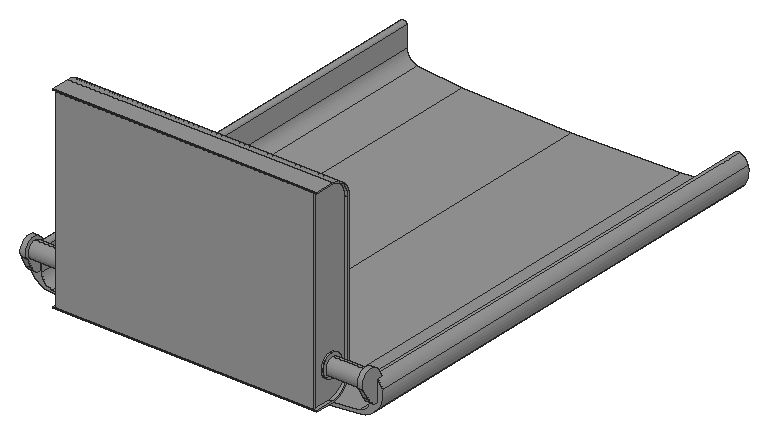
Revit family "DAN DRYER Björk Baby changing station 3215", category Furniture Systems, host Wall, Revit 2018
Family settings
  Host = Wall
  Round Connector Dimension = Use Diameter
  Part Type = Normal
  Always vertical = Yes
  Cut with Voids When Loaded = No
  Shared = No
  Room Calculation Point = No
Parameters (values of type "OSLO")
  URL = "https://www.dandryer.com/Files/Billeder/PDF/Datablade/Nye/Data%20sheet%20DAN%20DRYER%20BJ%C3%96RK%20Baby%20Changing%20Station%20Medic%203215.pdf"
  UP = not(Down)  # no
  Type Image = <None>
  Surface = WHITE
  Model = "Björk-3215"
  Manufacturer = "Dan Dryer"
  Down = yes
  Description = "Baby changing table"
  Cost = 0
Types (6): name | URL | Model | Description
  BIRK | "http://www.dandryer.dk/da-dk/produkter/produktserie-%E2%80%93-bjork/3000-bjork-haandtoerrer--hvid" | "Björk-3000" | "Touch-free hand dryer"
  GEO WHITE | "http://www.dandryer.dk/da-dk/produkter/produktserie-%E2%80%93-bjork/3000-bjork-haandtoerrer--hvid" | "Björk-3000" | "Touch-free hand dryer"
  GRIGIO LONDRA | "http://www.dandryer.dk/da-dk/produkter/produktserie-%E2%80%93-bjork/3000-bjork-haandtoerrer--hvid" | "Björk-3000" | "Touch-free hand dryer"
  NEGRO INGO | "http://www.dandryer.dk/da-dk/produkter/produktserie-%E2%80%93-bjork/3000-bjork-haandtoerrer--hvid" | "Björk-3000" | "Touch-free hand dryer"
  OSLO | "https://www.dandryer.com/Files/Billeder/PDF/Datablade/Nye/Data%20sheet%20DAN%20DRYER%20BJ%C3%96RK%20Baby%20Changing%20Station%20Medic%203215.pdf" | "Björk-3215" | "Baby changing table"
  BIANCO MALE | "http://www.dandryer.dk/da-dk/produkter/produktserie-%E2%80%93-bjork/3000-bjork-haandtoerrer--hvid" | "Björk-3000" | "Touch-free hand dryer"
Reference planes (in)
  plane 1 "Wall": y = 0
  plane 2 "Center (Left/Right)": x = 4.92126
  plane 3 "Back": y = 2.95276
Forms (in)
  Extrusion 1, solid, material "WHITE", not visible
    sketch origin (0, 0, 0) x (1, 0, 0) y (0, 1, 0)
      loop
        arc (1.66187, 3.75455) -> (1.67032, 3.73804) -> (1.67323, 3.71973) r 0.05906
        line (1.67323, 3.71973) -> (1.67323, 2.96457) -> (1.72047, 2.96457) -> (1.72047, 3.71973)
        arc (1.72047, 3.71973) -> (1.71523, 3.75269) -> (1.70003, 3.78241) r 0.1063
        arc (1.70003, 3.78241) -> (4.92126, 10.12205) -> (8.14249, 3.78241) r 3.98819
        arc (8.14249, 3.78241) -> (8.12729, 3.75269) -> (8.12205, 3.71973) r 0.1063
        line (8.12205, 3.71973) -> (8.12205, 2.96457) -> (8.16929, 2.96457) -> (8.16929, 3.71973)
        arc (8.16929, 3.71973) -> (8.1722, 3.73804) -> (8.18065, 3.75455) r 0.05906
        arc (8.18065, 3.75455) -> (4.92126, 10.16929) -> (1.66187, 3.75455) r 4.03543
    from 35.43307 to 48.4252
  Extrusion 2, void, not visible
    sketch origin (8.16929, 3.71973, 0) x (0, 1, 0) y (0, 0, -1)
      loop
        line (-0.75516, -48.22835) -> (-0.75516, -48.4252) -> (0.24229, -48.4252)
        arc (0.24229, -48.4252) -> (0.12078, -48.36063) -> (0.08289, -48.22835) r 0.17597
        line (0.08289, -48.22835) -> (-0.75516, -48.22835)
    from -0.43119 to 6.69923
  Extrusion 3, void, not visible
    sketch origin (8.16929, 3.71973, 83.85827) x (0, 1, 0) y (0, 0, -1)
      loop
        line (-0.75516, 48.22835) -> (0.08289, 48.22835)
        arc (0.08289, 48.22835) -> (0.12078, 48.36063) -> (0.24229, 48.4252) r 0.17597
        line (0.24229, 48.4252) -> (-0.75516, 48.4252) -> (-0.75516, 48.22835)
    from -0.23622 to 7.06498
  Extrusion 4, solid, not visible
    sketch origin (8.16929, 2.96457, 35.70866) x (0, 1, 0) y (-1, 0, 0)
      loop
        line (0, 6.44882) -> (0, 0.04724) -> (0.75516, 0.04724)
        arc (0.75516, 0.04724) -> (0.78813, 0.042) -> (0.81784, 0.0268) r 0.1063
        arc (0.81784, 0.0268) -> (7.15748, 3.24803) -> (0.81784, 6.46926) r 3.98819
        arc (0.81784, 6.46926) -> (0.78813, 6.45406) -> (0.75516, 6.44882) r 0.1063
        line (0.75516, 6.44882) -> (0, 6.44882)
    from 0 to -0.07874
  Extrusion 5, void, not visible
    sketch origin (8.12205, 2.96457, 0) x (-1, 0, 0) y (0, 0, 1)
      loop
        arc (3.27999, 38.4252) -> (3.2009, 38.50448) -> (3.12159, 38.4252) r 0.07921
        line (3.12159, 38.4252) -> (3.12146, 36.61417)
        arc (3.12146, 36.61417) -> (3.20067, 36.53489) -> (3.27999, 36.61417) r 0.07921
        line (3.27999, 36.61417) -> (3.27999, 38.4252)
    from 6.88641 to 7.45017
  Extrusion 6, solid, not visible
    sketch origin (8.12205, 2.96457, 0) x (1, 0, 0) y (0, 0, 1)
      loop
        line (-3.27999, 38.42458) -> (-3.27999, 36.61417)
        arc (-3.27999, 36.61417) -> (-3.20042, 36.54009) -> (-3.12154, 36.61479) r 0.07931
        line (-3.12154, 36.61479) -> (-3.12159, 38.4252)
        arc (-3.12159, 38.4252) -> (-3.20116, 38.49928) -> (-3.27999, 38.42458) r 0.07931
    from -7.20394 to -6.8864
  Extrusion 7, solid, not visible
    sketch origin (0, 0, 0) x (1, 0, 0) y (0, 1, 0)
      loop
        arc (1.66187, 3.75455) -> (1.67032, 3.73804) -> (1.67323, 3.71973) r 0.05906
        line (1.67323, 3.71973) -> (1.67323, 2.96457) -> (1.72047, 2.96457) -> (1.72047, 3.71973)
        arc (1.72047, 3.71973) -> (1.71523, 3.75269) -> (1.70003, 3.78241) r 0.1063
        arc (1.70003, 3.78241) -> (4.92126, 10.12205) -> (8.14249, 3.78241) r 3.98819
        arc (8.14249, 3.78241) -> (8.12729, 3.75269) -> (8.12205, 3.71973) r 0.1063
        line (8.12205, 3.71973) -> (8.12205, 2.96457) -> (8.16929, 2.96457) -> (8.16929, 3.71973)
        arc (8.16929, 3.71973) -> (8.1722, 3.73804) -> (8.18065, 3.75455) r 0.05906
        arc (8.18065, 3.75455) -> (4.92126, 10.16929) -> (1.66187, 3.75455) r 4.03543
    from 35.43307 to 48.4252
Text (in)
  text "Placement Side" at (-72.78884, 43.96769, 0), in view "Ref. Level"
  text "Placement side" at (0, 55.50411, 112.37426), in view "Left"
  text "Placement side" at (0, 19.67758, 117.35164), in view "Right"
Dimensions and locks (in)
  locked: plane 3 "Back" to host wall
  aligned and locked: plane 1 "Wall" to host wall
  aligned and locked: plane 3 "Back" to nested 1
  aligned and locked: host wall to nested 1
Nested families (in)
  nested 1: "Master changing table" at (4.92126, 2.95276, 43.30709), type "Master changing table"
    with Table up no
Definition of nested family "Master changing table"
  Parameters (values of type "Master changing table")
    Table up = yes
    Table down = yes
    Surface = none
  Reference planes (in)
    plane 1 "Center (Front/Back)": y = 0
    plane 2: z = 0
    plane 3 "Center (Left/Right)": x = 0
  Forms (in)
    Extrusion 1, solid, material <- "Surface"
      sketch origin (8.07087, 14.48473, 10.07962) x (0, 1, 0) y (0, 0, 1)
        loop
          line (-14.48842, 0) -> (-14.48842, -0.05906) -> (-13.29747, -0.05906)
          arc (-13.29747, -0.05906) -> (-12.4623, -0.40499) -> (-12.11637, -1.24016) r 1.1811
          line (-12.11637, -1.24016) -> (-12.11637, -10.76772)
          arc (-12.11637, -10.76772) -> (-12.4623, -11.60288) -> (-13.29747, -11.94882) r 1.1811
          line (-13.29747, -11.94882) -> (-14.48842, -11.94882) -> (-14.48842, -12.00787) -> (-13.29747, -12.00787)
          arc (-13.29747, -12.00787) -> (-12.42055, -11.64464) -> (-12.05731, -10.76772) r 1.24016
          line (-12.05731, -10.76772) -> (-12.05731, -1.24016)
          arc (-12.05731, -1.24016) -> (-12.42055, -0.36323) -> (-13.29747, 0) r 1.24016
          line (-13.29747, 0) -> (-14.48842, 0)
      from -16.15973 to 0.018
    Extrusion 2, solid, material <- "Surface"
      sketch origin (-7.87402, 1.18329, 4.07568) x (0, -1, 0) y (0, 0, 1)
        loop
          line (1.10823, 5.90551) -> (0.02556, 5.90551)
          arc (0.02556, 5.90551) -> (-0.80961, 5.55957) -> (-1.15555, 4.72441) r 1.1811
          line (-1.15555, 4.72441) -> (-1.15555, -4.72441)
          arc (-1.15555, -4.72441) -> (-0.80961, -5.55957) -> (0.02556, -5.90551) r 1.1811
          line (0.02556, -5.90551) -> (1.10823, -5.90551) -> (1.10823, 5.90551)
      from 0 to -0.05906
    Extrusion 3, solid, material <- "Surface"
      sketch origin (7.87402, 1.18329, 4.07568) x (0, -1, 0) y (0, 0, -1)
        loop
          line (1.10823, -5.90551) -> (1.10823, 5.90551) -> (0.02556, 5.90551)
          arc (0.02556, 5.90551) -> (-0.80961, 5.55957) -> (-1.15555, 4.72441) r 1.1811
          line (-1.15555, 4.72441) -> (-1.15555, -4.72441)
          arc (-1.15555, -4.72441) -> (-0.80961, -5.55957) -> (0.02556, -5.90551) r 1.1811
          line (0.02556, -5.90551) -> (1.10823, -5.90551)
      from 0 to -0.05906
    Extrusion 4, solid, material <- "Surface", visible <- "Table down"
      sketch origin (0, 29.53172, -2.09661) x (-1, 0, 0) y (0, 0, 1)
        loop
          line (-10.03937, 0.77662) -> (-10.03937, 2.02256)
          arc (-10.03937, 2.02256) -> (-10.12769, 2.18679) -> (-10.3134, 2.20366) r 0.19686
          arc (-10.3134, 2.20366) -> (-10.63147, 1.97116) -> (-10.81437, 1.62218) r 0.86996
          arc (-10.81437, 1.62218) -> (-10.82953, 1.02662) -> (-10.57996, 0.48567) r 1.31305
          arc (-10.57996, 0.48567) -> (-10.09785, 0.06362) -> (-9.49331, -0.14874) r 1.69081
          arc (-9.49331, -0.14874) -> (-8.10377, -0.3162) -> (-6.70717, -0.40775) r 25.6954
          arc (-6.70717, -0.40775) -> (-3.35419, -0.50111) -> (0, -0.52482) r 161.51858
          arc (0, -0.52482) -> (3.35419, -0.50111) -> (6.70717, -0.40775) r 161.51858
          arc (6.70717, -0.40775) -> (8.10377, -0.3162) -> (9.49331, -0.14874) r 25.6954
          arc (9.49331, -0.14874) -> (10.09785, 0.06362) -> (10.57996, 0.48567) r 1.69081
          arc (10.57996, 0.48567) -> (10.82953, 1.02662) -> (10.81437, 1.62218) r 1.31305
          arc (10.81437, 1.62218) -> (10.63147, 1.97116) -> (10.3134, 2.20366) r 0.86996
          arc (10.3134, 2.20366) -> (10.12769, 2.18679) -> (10.03937, 2.02256) r 0.19686
          line (10.03937, 2.02256) -> (10.03937, 0.77662)
          arc (10.03937, 0.77662) -> (9.85728, 0.28742) -> (9.39964, 0.03634) r 0.74819
          arc (9.39964, 0.03634) -> (8.05347, -0.12387) -> (6.70062, -0.21112) r 25.08461
          arc (6.70062, -0.21112) -> (3.35089, -0.30543) -> (0, -0.33788) r 181.49476
          arc (0, -0.33788) -> (-3.35089, -0.30543) -> (-6.70062, -0.21112) r 181.49476
          arc (-6.70062, -0.21112) -> (-8.05347, -0.12387) -> (-9.39964, 0.03634) r 25.08461
          arc (-9.39964, 0.03634) -> (-9.85728, 0.28742) -> (-10.03937, 0.77662) r 0.74819
      from -27.93567 to 0
    Extrusion 5, solid, material <- "Surface", visible <- "Table down"
      sketch origin (10.15748, 1.17742, 0.0993) x (0, 0, 1) y (0, 1, 0)
        loop
          line (0.33071, 0.5728) -> (-0.10236, 0.82284)
          arc (-0.10236, 0.82284) -> (-0.1773, 0.89777) -> (-0.20472, 1.00013) r 0.20472
          line (-0.20472, 1.00013) -> (-0.20472, 1.6407) -> (-0.23622, 1.62924) -> (-0.23622, 6.99211)
          arc (-0.23622, 6.99211) -> (-0.27081, 7.07563) -> (-0.35433, 7.11022) r 0.11811
          line (-0.35433, 7.11022) -> (-1.29921, 7.11022)
          arc (-1.29921, 7.11022) -> (-1.38273, 7.07563) -> (-1.41732, 6.99211) r 0.11811
          line (-1.41732, 6.99211) -> (-1.41732, 1.19935) -> (-1.44882, 1.18789) -> (-1.44882, 0.63645)
          arc (-1.44882, 0.63645) -> (-1.31801, 0.14826) -> (-0.96063, -0.20912) r 0.97638
          line (-0.96063, -0.20912) -> (-0.33071, -0.5728)
          arc (-0.33071, -0.5728) -> (0.5728, -0.33071) -> (0.33071, 0.5728) r 0.66142
      from -0.31496 to 0
    Extrusion 6, solid, material <- "Surface", visible <- "Table down"
      sketch origin (-10.47244, 1.17742, 0.0993) x (0, 0, 1) y (0, 1, 0)
        loop
          line (0.33071, 0.5728) -> (-0.10236, 0.82284)
          arc (-0.10236, 0.82284) -> (-0.1773, 0.89777) -> (-0.20472, 1.00013) r 0.20472
          line (-0.20472, 1.00013) -> (-0.20472, 1.6407) -> (-0.23622, 1.62924) -> (-0.23622, 6.99211)
          arc (-0.23622, 6.99211) -> (-0.27081, 7.07563) -> (-0.35433, 7.11022) r 0.11811
          line (-0.35433, 7.11022) -> (-1.29921, 7.11022)
          arc (-1.29921, 7.11022) -> (-1.38273, 7.07563) -> (-1.41732, 6.99211) r 0.11811
          line (-1.41732, 6.99211) -> (-1.41732, 1.19935) -> (-1.44882, 1.18789) -> (-1.44882, 0.63645)
          arc (-1.44882, 0.63645) -> (-1.31801, 0.14826) -> (-0.96063, -0.20912) r 0.97638
          line (-0.96063, -0.20912) -> (-0.33071, -0.5728)
          arc (-0.33071, -0.5728) -> (0.5728, -0.33071) -> (0.33071, 0.5728) r 0.66142
      from -0.31496 to 0
    Extrusion 7, solid, material <- "Surface"
      sketch origin (-10.15748, 1.22332, 0.07308) x (0, 0, -1) y (0, 1, 0)
        loop
          circle (-0.00256, 0.00137) r 0.69089
      from 2.08661 to 18.20866
    Extrusion 8, solid, material <- "Surface", visible <- "Table up"
      sketch origin (0, 3.37408, 28.45459) x (-1, 0, 0) y (0, -1, 0)
        loop
          line (-10.03937, 0.77662) -> (-10.03937, 2.02256)
          arc (-10.03937, 2.02256) -> (-10.12769, 2.18679) -> (-10.3134, 2.20366) r 0.19686
          arc (-10.3134, 2.20366) -> (-10.63147, 1.97116) -> (-10.81437, 1.62218) r 0.86996
          arc (-10.81437, 1.62218) -> (-10.82953, 1.02662) -> (-10.57996, 0.48567) r 1.31305
          arc (-10.57996, 0.48567) -> (-10.09785, 0.06362) -> (-9.49331, -0.14874) r 1.69081
          arc (-9.49331, -0.14874) -> (-8.10377, -0.3162) -> (-6.70717, -0.40775) r 25.6954
          arc (-6.70717, -0.40775) -> (-3.35419, -0.50111) -> (0, -0.52482) r 161.51858
          arc (0, -0.52482) -> (3.35419, -0.50111) -> (6.70717, -0.40775) r 161.51858
          arc (6.70717, -0.40775) -> (8.10377, -0.3162) -> (9.49331, -0.14874) r 25.6954
          arc (9.49331, -0.14874) -> (10.09785, 0.06362) -> (10.57996, 0.48567) r 1.69081
          arc (10.57996, 0.48567) -> (10.82953, 1.02662) -> (10.81437, 1.62218) r 1.31305
          arc (10.81437, 1.62218) -> (10.63147, 1.97116) -> (10.3134, 2.20366) r 0.86996
          arc (10.3134, 2.20366) -> (10.12769, 2.18679) -> (10.03937, 2.02256) r 0.19686
          line (10.03937, 2.02256) -> (10.03937, 0.77662)
          arc (10.03937, 0.77662) -> (9.85728, 0.28742) -> (9.39964, 0.03634) r 0.74819
          arc (9.39964, 0.03634) -> (8.05347, -0.12387) -> (6.70062, -0.21112) r 25.08461
          arc (6.70062, -0.21112) -> (3.35089, -0.30543) -> (0, -0.33788) r 181.49476
          arc (0, -0.33788) -> (-3.35089, -0.30543) -> (-6.70062, -0.21112) r 181.49476
          arc (-6.70062, -0.21112) -> (-8.05347, -0.12387) -> (-9.39964, 0.03634) r 25.08461
          arc (-9.39964, 0.03634) -> (-9.85728, 0.28742) -> (-10.03937, 0.77662) r 0.74819
      from -27.93567 to 0
    Extrusion 9, solid, material <- "Surface", visible <- "Table up"
      sketch origin (10.15748, 1.17817, 0.10029) x (0, -1, 0) y (0, 0, 1)
        loop
          line (0.33071, 0.5728) -> (-0.10236, 0.82284)
          arc (-0.10236, 0.82284) -> (-0.1773, 0.89777) -> (-0.20472, 1.00013) r 0.20472
          line (-0.20472, 1.00013) -> (-0.20472, 1.6407) -> (-0.23622, 1.62924) -> (-0.23622, 6.99211)
          arc (-0.23622, 6.99211) -> (-0.27081, 7.07563) -> (-0.35433, 7.11022) r 0.11811
          line (-0.35433, 7.11022) -> (-1.29921, 7.11022)
          arc (-1.29921, 7.11022) -> (-1.38273, 7.07563) -> (-1.41732, 6.99211) r 0.11811
          line (-1.41732, 6.99211) -> (-1.41732, 1.19935) -> (-1.44882, 1.18789) -> (-1.44882, 0.63645)
          arc (-1.44882, 0.63645) -> (-1.31801, 0.14826) -> (-0.96063, -0.20912) r 0.97638
          line (-0.96063, -0.20912) -> (-0.33071, -0.5728)
          arc (-0.33071, -0.5728) -> (0.5728, -0.33071) -> (0.33071, 0.5728) r 0.66142
      from -0.31496 to 0
    Extrusion 10, solid, material <- "Surface", visible <- "Table up"
      sketch origin (-10.47244, 1.17817, 0.10029) x (0, -1, 0) y (0, 0, 1)
        loop
          line (0.33071, 0.5728) -> (-0.10236, 0.82284)
          arc (-0.10236, 0.82284) -> (-0.1773, 0.89777) -> (-0.20472, 1.00013) r 0.20472
          line (-0.20472, 1.00013) -> (-0.20472, 1.6407) -> (-0.23622, 1.62924) -> (-0.23622, 6.99211)
          arc (-0.23622, 6.99211) -> (-0.27081, 7.07563) -> (-0.35433, 7.11022) r 0.11811
          line (-0.35433, 7.11022) -> (-1.29921, 7.11022)
          arc (-1.29921, 7.11022) -> (-1.38273, 7.07563) -> (-1.41732, 6.99211) r 0.11811
          line (-1.41732, 6.99211) -> (-1.41732, 1.19935) -> (-1.44882, 1.18789) -> (-1.44882, 0.63645)
          arc (-1.44882, 0.63645) -> (-1.31801, 0.14826) -> (-0.96063, -0.20912) r 0.97638
          line (-0.96063, -0.20912) -> (-0.33071, -0.5728)
          arc (-0.33071, -0.5728) -> (0.5728, -0.33071) -> (0.33071, 0.5728) r 0.66142
      from -0.31496 to 0
    Extrusion 11, solid, material <- "Surface"
      sketch origin (-10.15748, 1.20364, 0.07308) x (0, 0, -1) y (0, 1, 0)
        loop
          circle (-0.00256, 0.00137) r 0.51318
      from 0 to 20.31496
    Extrusion 12, solid, material <- "Surface"
      sketch origin (-10.15748, 1.20364, 0.07308) x (0, 0, -1) y (0, 1, 0)
        loop
          circle (-0.00256, 0.00137) r 0.66279
      from 2.16061 to 18.18711
    Extrusion 13, solid, material <- "Surface"
      sketch origin (-201.77165, -0.00368, -37.30227) x (-1, 0, 0) y (0, 0, 1)
        loop
          line (-209.64567, 47.32283) -> (-209.64567, 35.43307) -> (-193.89764, 35.43307) -> (-193.89764, 47.32283) -> (-209.64567, 47.32283)
      from 0 to 0.07874
    Extrusion 14, solid, not visible
      sketch origin (-196.85039, 2.95276, 0) x (-1, 0, 0) y (0, 0, 1)
        loop
          line (-209.64567, 47.32283) -> (-209.64567, 35.43307) -> (-193.89764, 35.43307) -> (-193.89764, 47.32283) -> (-209.64567, 47.32283)
      from 0 to 0.07874
    Extrusion 15, solid, not visible
      sketch origin (12.99213, 17.44117, 47.38189) x (0, 1, 0) y (0, 0, 1)
        loop
          line (-14.48842, 0) -> (-14.48842, -0.05906) -> (-13.29747, -0.05906)
          arc (-13.29747, -0.05906) -> (-12.4623, -0.40499) -> (-12.11637, -1.24016) r 1.1811
          line (-12.11637, -1.24016) -> (-12.11637, -10.76772)
          arc (-12.11637, -10.76772) -> (-12.4623, -11.60288) -> (-13.29747, -11.94882) r 1.1811
          line (-13.29747, -11.94882) -> (-14.48842, -11.94882) -> (-14.48842, -12.00787) -> (-13.29747, -12.00787)
          arc (-13.29747, -12.00787) -> (-12.42055, -11.64464) -> (-12.05731, -10.76772) r 1.24016
          line (-12.05731, -10.76772) -> (-12.05731, -1.24016)
          arc (-12.05731, -1.24016) -> (-12.42055, -0.36323) -> (-13.29747, 0) r 1.24016
          line (-13.29747, 0) -> (-14.48842, 0)
      from -16.15973 to 0.018
    Sweep 16, void, not visible
      path origin (12.99213, 17.44117, 47.38189) x (0, 1, 0) y (0, 0, 1)
        loop
          line (-14.48842, -12.00787) -> (-13.29747, -12.00787)
          arc (-13.29747, -12.00787) -> (-12.42055, -11.64464) -> (-12.05731, -10.76772) r 1.24016
          line (-12.05731, -10.76772) -> (-12.05731, -1.24016)
          arc (-12.05731, -1.24016) -> (-12.42055, -0.36323) -> (-13.29747, 0) r 1.24016
          line (-13.29747, 0) -> (-14.48842, 0)
      profile origin (12.99213, 3.54823, 47.38189) x (0, 0, -1) y (1, 0, 0)
        loop
          line (0, 0.018) -> (0, -0.02953)
          arc (0, -0.02953) -> (0.02953, 0) -> (0.05906, -0.02953) r 0.02953
          line (0.05906, -0.02953) -> (0.05906, 0.018) -> (0, 0.018)
    Sweep 17, void, not visible
      path origin (-3.14961, 17.44117, 47.38189) x (0, 1, 0) y (0, 0, -1)
        loop
          line (-14.48842, 12.00787) -> (-13.29747, 12.00787)
          arc (-13.29747, 12.00787) -> (-12.42055, 11.64464) -> (-12.05731, 10.76772) r 1.24016
          line (-12.05731, 10.76772) -> (-12.05731, 1.24016)
          arc (-12.05731, 1.24016) -> (-12.42055, 0.36323) -> (-13.29747, 0) r 1.24016
          line (-13.29747, 0) -> (-14.48842, 0)
      profile origin (-3.14961, 3.54823, 47.38189) x (0, 0, 1) y (-1, 0, 0)
        loop
          line (0, 0.018) -> (-0.05906, 0.018) -> (-0.05906, -0.02953)
          arc (-0.05906, -0.02953) -> (-0.02953, 0) -> (0, -0.02953) r 0.02953
          line (0, -0.02953) -> (0, 0.018)
    Extrusion 18, solid, not visible
      sketch origin (-2.95276, 4.13973, 41.37795) x (0, -1, 0) y (0, 0, 1)
        loop
          line (1.10823, 5.90551) -> (0.02556, 5.90551)
          arc (0.02556, 5.90551) -> (-0.80961, 5.55957) -> (-1.15555, 4.72441) r 1.1811
          line (-1.15555, 4.72441) -> (-1.15555, -4.72441)
          arc (-1.15555, -4.72441) -> (-0.80961, -5.55957) -> (0.02556, -5.90551) r 1.1811
          line (0.02556, -5.90551) -> (1.10823, -5.90551) -> (1.10823, 5.90551)
      from 0 to -0.05906
    Extrusion 19, solid, not visible
      sketch origin (12.79528, 4.13973, 41.37795) x (0, -1, 0) y (0, 0, -1)
        loop
          line (1.10823, -5.90551) -> (1.10823, 5.90551) -> (0.02556, 5.90551)
          arc (0.02556, 5.90551) -> (-0.80961, 5.55957) -> (-1.15555, 4.72441) r 1.1811
          line (-1.15555, 4.72441) -> (-1.15555, -4.72441)
          arc (-1.15555, -4.72441) -> (-0.80961, -5.55957) -> (0.02556, -5.90551) r 1.1811
          line (0.02556, -5.90551) -> (1.10823, -5.90551)
      from 0 to -0.05906
    Extrusion 20, void, not visible
      sketch origin (-2.95276, 4.13973, 41.37795) x (0, 1, 0) y (0, 0, 1)
        loop
          circle (-0.0045, -3.97382) r 0.69089
      from 15.9252 to -0.19685
    Extrusion 21, solid, visible <- "Table down", not visible
      sketch origin (4.92126, 32.48816, 35.20566) x (-1, 0, 0) y (0, 0, 1)
        loop
          line (-10.03937, 0.77662) -> (-10.03937, 2.02256)
          arc (-10.03937, 2.02256) -> (-10.12769, 2.18679) -> (-10.3134, 2.20366) r 0.19686
          arc (-10.3134, 2.20366) -> (-10.63147, 1.97116) -> (-10.81437, 1.62218) r 0.86996
          arc (-10.81437, 1.62218) -> (-10.82953, 1.02662) -> (-10.57996, 0.48567) r 1.31305
          arc (-10.57996, 0.48567) -> (-10.09785, 0.06362) -> (-9.49331, -0.14874) r 1.69081
          arc (-9.49331, -0.14874) -> (-8.10377, -0.3162) -> (-6.70717, -0.40775) r 25.6954
          arc (-6.70717, -0.40775) -> (-3.35419, -0.50111) -> (0, -0.52482) r 161.51858
          arc (0, -0.52482) -> (3.35419, -0.50111) -> (6.70717, -0.40775) r 161.51858
          arc (6.70717, -0.40775) -> (8.10377, -0.3162) -> (9.49331, -0.14874) r 25.6954
          arc (9.49331, -0.14874) -> (10.09785, 0.06362) -> (10.57996, 0.48567) r 1.69081
          arc (10.57996, 0.48567) -> (10.82953, 1.02662) -> (10.81437, 1.62218) r 1.31305
          arc (10.81437, 1.62218) -> (10.63147, 1.97116) -> (10.3134, 2.20366) r 0.86996
          arc (10.3134, 2.20366) -> (10.12769, 2.18679) -> (10.03937, 2.02256) r 0.19686
          line (10.03937, 2.02256) -> (10.03937, 0.77662)
          arc (10.03937, 0.77662) -> (9.85728, 0.28742) -> (9.39964, 0.03634) r 0.74819
          arc (9.39964, 0.03634) -> (8.05347, -0.12387) -> (6.70062, -0.21112) r 25.08461
          arc (6.70062, -0.21112) -> (3.35089, -0.30543) -> (0, -0.33788) r 181.49476
          arc (0, -0.33788) -> (-3.35089, -0.30543) -> (-6.70062, -0.21112) r 181.49476
          arc (-6.70062, -0.21112) -> (-8.05347, -0.12387) -> (-9.39964, 0.03634) r 25.08461
          arc (-9.39964, 0.03634) -> (-9.85728, 0.28742) -> (-10.03937, 0.77662) r 0.74819
      from -27.93567 to 0
    Sweep 22, void, not visible
      path origin (4.92126, 32.48816, 35.20566) x (-1, 0, 0) y (0, 0, 1)
        loop
          arc (-10.3134, 2.20366) -> (-10.63147, 1.97116) -> (-10.81437, 1.62218) r 0.86996
          arc (-10.81437, 1.62218) -> (-10.82953, 1.02662) -> (-10.57996, 0.48567) r 1.31305
          arc (-10.57996, 0.48567) -> (-10.09785, 0.06362) -> (-9.49331, -0.14874) r 1.69081
          arc (-9.49331, -0.14874) -> (-8.10377, -0.3162) -> (-6.70717, -0.40775) r 25.6954
          arc (-6.70717, -0.40775) -> (-3.35419, -0.50111) -> (0, -0.52482) r 161.51858
          arc (0, -0.52482) -> (3.35419, -0.50111) -> (6.70717, -0.40775) r 161.51858
          arc (6.70717, -0.40775) -> (8.10377, -0.3162) -> (9.49331, -0.14874) r 25.6954
          arc (9.49331, -0.14874) -> (10.09785, 0.06362) -> (10.57996, 0.48567) r 1.69081
          arc (10.57996, 0.48567) -> (10.82953, 1.02662) -> (10.81437, 1.62218) r 1.31305
          arc (10.81437, 1.62218) -> (10.63147, 1.97116) -> (10.3134, 2.20366) r 0.86996
          arc (10.3134, 2.20366) -> (10.12769, 2.18679) -> (10.03937, 2.02256) r 0.19686
          line (10.03937, 2.02256) -> (10.03937, 0.77662)
          arc (10.03937, 0.77662) -> (9.85728, 0.28742) -> (9.39964, 0.03634) r 0.74819
          arc (9.39964, 0.03634) -> (8.05347, -0.12387) -> (6.70062, -0.21112) r 25.08461
          arc (6.70062, -0.21112) -> (3.35089, -0.30543) -> (0, -0.33788) r 181.49476
          arc (0, -0.33788) -> (-3.35089, -0.30543) -> (-6.70062, -0.21112) r 181.49476
          arc (-6.70062, -0.21112) -> (-8.05347, -0.12387) -> (-9.39964, 0.03634) r 25.08461
          arc (-9.39964, 0.03634) -> (-9.85728, 0.28742) -> (-10.03937, 0.77662) r 0.74819
          line (-10.03937, 0.77662) -> (-10.03937, 2.02256)
          arc (-10.03937, 2.02256) -> (-10.12769, 2.18679) -> (-10.3134, 2.20366) r 0.19686
      profile origin (15.55273, 32.48816, 37.17682) x (-0.757606, 0, -0.652712) y (0, 1, 0)
        loop
          arc (0, -0.03962) -> (0.0116, -0.0116) -> (0.03962, 0) r 0.03962
          line (0.03962, 0) -> (0, 0) -> (0, -0.03962)
    Extrusion 23, void, not visible
      sketch origin (-5.55118, 4.13386, 37.40157) x (0, 0, 1) y (0, 1, 0)
        loop
          line (-3.67248, 0.41863) -> (0.57154, 0.41863) -> (0.57154, 1.96332) -> (-3.67248, 0.41863)
      from -23.75173 to 3.70079
    Extrusion 24, solid, visible <- "Table down", not visible
      sketch origin (15.07874, 4.13386, 37.40157) x (0, 0, 1) y (0, 1, 0)
        loop
          line (0.33071, 0.5728) -> (-0.10236, 0.82284)
          arc (-0.10236, 0.82284) -> (-0.1773, 0.89777) -> (-0.20472, 1.00013) r 0.20472
          line (-0.20472, 1.00013) -> (-0.20472, 1.6407) -> (-0.23622, 1.62924) -> (-0.23622, 6.99211)
          arc (-0.23622, 6.99211) -> (-0.27081, 7.07563) -> (-0.35433, 7.11022) r 0.11811
          line (-0.35433, 7.11022) -> (-1.29921, 7.11022)
          arc (-1.29921, 7.11022) -> (-1.38273, 7.07563) -> (-1.41732, 6.99211) r 0.11811
          line (-1.41732, 6.99211) -> (-1.41732, 1.19935) -> (-1.44882, 1.18789) -> (-1.44882, 0.63645)
          arc (-1.44882, 0.63645) -> (-1.31801, 0.14826) -> (-0.96063, -0.20912) r 0.97638
          line (-0.96063, -0.20912) -> (-0.33071, -0.5728)
          arc (-0.33071, -0.5728) -> (0.5728, -0.33071) -> (0.33071, 0.5728) r 0.66142
      from -0.31496 to 0
    Extrusion 25, solid, visible <- "Table down", not visible
      sketch origin (-5.55118, 4.13386, 37.40157) x (0, 0, 1) y (0, 1, 0)
        loop
          line (0.33071, 0.5728) -> (-0.10236, 0.82284)
          arc (-0.10236, 0.82284) -> (-0.1773, 0.89777) -> (-0.20472, 1.00013) r 0.20472
          line (-0.20472, 1.00013) -> (-0.20472, 1.6407) -> (-0.23622, 1.62924) -> (-0.23622, 6.99211)
          arc (-0.23622, 6.99211) -> (-0.27081, 7.07563) -> (-0.35433, 7.11022) r 0.11811
          line (-0.35433, 7.11022) -> (-1.29921, 7.11022)
          arc (-1.29921, 7.11022) -> (-1.38273, 7.07563) -> (-1.41732, 6.99211) r 0.11811
          line (-1.41732, 6.99211) -> (-1.41732, 1.19935) -> (-1.44882, 1.18789) -> (-1.44882, 0.63645)
          arc (-1.44882, 0.63645) -> (-1.31801, 0.14826) -> (-0.96063, -0.20912) r 0.97638
          line (-0.96063, -0.20912) -> (-0.33071, -0.5728)
          arc (-0.33071, -0.5728) -> (0.5728, -0.33071) -> (0.33071, 0.5728) r 0.66142
      from -0.31496 to 0
    Extrusion 26, solid, not visible
      sketch origin (-5.23622, 4.17976, 37.37536) x (0, 0, -1) y (0, 1, 0)
        loop
          circle (-0.00256, 0.00137) r 0.69089
      from 2.08661 to 18.20866
    Extrusion 27, solid, visible <- "Table up", not visible
      sketch origin (4.92126, 6.33052, 65.75686) x (-1, 0, 0) y (0, -1, 0)
        loop
          line (-10.03937, 0.77662) -> (-10.03937, 2.02256)
          arc (-10.03937, 2.02256) -> (-10.12769, 2.18679) -> (-10.3134, 2.20366) r 0.19686
          arc (-10.3134, 2.20366) -> (-10.63147, 1.97116) -> (-10.81437, 1.62218) r 0.86996
          arc (-10.81437, 1.62218) -> (-10.82953, 1.02662) -> (-10.57996, 0.48567) r 1.31305
          arc (-10.57996, 0.48567) -> (-10.09785, 0.06362) -> (-9.49331, -0.14874) r 1.69081
          arc (-9.49331, -0.14874) -> (-8.10377, -0.3162) -> (-6.70717, -0.40775) r 25.6954
          arc (-6.70717, -0.40775) -> (-3.35419, -0.50111) -> (0, -0.52482) r 161.51858
          arc (0, -0.52482) -> (3.35419, -0.50111) -> (6.70717, -0.40775) r 161.51858
          arc (6.70717, -0.40775) -> (8.10377, -0.3162) -> (9.49331, -0.14874) r 25.6954
          arc (9.49331, -0.14874) -> (10.09785, 0.06362) -> (10.57996, 0.48567) r 1.69081
          arc (10.57996, 0.48567) -> (10.82953, 1.02662) -> (10.81437, 1.62218) r 1.31305
          arc (10.81437, 1.62218) -> (10.63147, 1.97116) -> (10.3134, 2.20366) r 0.86996
          arc (10.3134, 2.20366) -> (10.12769, 2.18679) -> (10.03937, 2.02256) r 0.19686
          line (10.03937, 2.02256) -> (10.03937, 0.77662)
          arc (10.03937, 0.77662) -> (9.85728, 0.28742) -> (9.39964, 0.03634) r 0.74819
          arc (9.39964, 0.03634) -> (8.05347, -0.12387) -> (6.70062, -0.21112) r 25.08461
          arc (6.70062, -0.21112) -> (3.35089, -0.30543) -> (0, -0.33788) r 181.49476
          arc (0, -0.33788) -> (-3.35089, -0.30543) -> (-6.70062, -0.21112) r 181.49476
          arc (-6.70062, -0.21112) -> (-8.05347, -0.12387) -> (-9.39964, 0.03634) r 25.08461
          arc (-9.39964, 0.03634) -> (-9.85728, 0.28742) -> (-10.03937, 0.77662) r 0.74819
      from -27.93567 to 0
    Sweep 28, void, not visible
      path origin (4.92126, 6.33052, 65.75686) x (-1, 0, 0) y (0, -1, 0)
        loop
          arc (-10.3134, 2.20366) -> (-10.63147, 1.97116) -> (-10.81437, 1.62218) r 0.86996
          arc (-10.81437, 1.62218) -> (-10.82953, 1.02662) -> (-10.57996, 0.48567) r 1.31305
          arc (-10.57996, 0.48567) -> (-10.09785, 0.06362) -> (-9.49331, -0.14874) r 1.69081
          arc (-9.49331, -0.14874) -> (-8.10377, -0.3162) -> (-6.70717, -0.40775) r 25.6954
          arc (-6.70717, -0.40775) -> (-3.35419, -0.50111) -> (0, -0.52482) r 161.51858
          arc (0, -0.52482) -> (3.35419, -0.50111) -> (6.70717, -0.40775) r 161.51858
          arc (6.70717, -0.40775) -> (8.10377, -0.3162) -> (9.49331, -0.14874) r 25.6954
          arc (9.49331, -0.14874) -> (10.09785, 0.06362) -> (10.57996, 0.48567) r 1.69081
          arc (10.57996, 0.48567) -> (10.82953, 1.02662) -> (10.81437, 1.62218) r 1.31305
          arc (10.81437, 1.62218) -> (10.63147, 1.97116) -> (10.3134, 2.20366) r 0.86996
          arc (10.3134, 2.20366) -> (10.12769, 2.18679) -> (10.03937, 2.02256) r 0.19686
          line (10.03937, 2.02256) -> (10.03937, 0.77662)
          arc (10.03937, 0.77662) -> (9.85728, 0.28742) -> (9.39964, 0.03634) r 0.74819
          arc (9.39964, 0.03634) -> (8.05347, -0.12387) -> (6.70062, -0.21112) r 25.08461
          arc (6.70062, -0.21112) -> (3.35089, -0.30543) -> (0, -0.33788) r 181.49476
          arc (0, -0.33788) -> (-3.35089, -0.30543) -> (-6.70062, -0.21112) r 181.49476
          arc (-6.70062, -0.21112) -> (-8.05347, -0.12387) -> (-9.39964, 0.03634) r 25.08461
          arc (-9.39964, 0.03634) -> (-9.85728, 0.28742) -> (-10.03937, 0.77662) r 0.74819
          line (-10.03937, 0.77662) -> (-10.03937, 2.02256)
          arc (-10.03937, 2.02256) -> (-10.12769, 2.18679) -> (-10.3134, 2.20366) r 0.19686
      profile origin (15.55273, 4.35937, 65.75686) x (-0.757606, 0.652712, 0) y (0, 0, 1)
        loop
          arc (0, -0.03962) -> (0.0116, -0.0116) -> (0.03962, 0) r 0.03962
          line (0.03962, 0) -> (0, 0) -> (0, -0.03962)
    Extrusion 29, void, not visible
      sketch origin (-5.55118, 4.13461, 37.40256) x (0, -1, 0) y (0, 0, 1)
        loop
          line (-3.67248, 0.41863) -> (0.57154, 0.41863) -> (0.57154, 1.96332) -> (-3.67248, 0.41863)
      from -23.75173 to 3.70079
    Extrusion 30, solid, visible <- "Table up", not visible
      sketch origin (15.07874, 4.13461, 37.40256) x (0, -1, 0) y (0, 0, 1)
        loop
          line (0.33071, 0.5728) -> (-0.10236, 0.82284)
          arc (-0.10236, 0.82284) -> (-0.1773, 0.89777) -> (-0.20472, 1.00013) r 0.20472
          line (-0.20472, 1.00013) -> (-0.20472, 1.6407) -> (-0.23622, 1.62924) -> (-0.23622, 6.99211)
          arc (-0.23622, 6.99211) -> (-0.27081, 7.07563) -> (-0.35433, 7.11022) r 0.11811
          line (-0.35433, 7.11022) -> (-1.29921, 7.11022)
          arc (-1.29921, 7.11022) -> (-1.38273, 7.07563) -> (-1.41732, 6.99211) r 0.11811
          line (-1.41732, 6.99211) -> (-1.41732, 1.19935) -> (-1.44882, 1.18789) -> (-1.44882, 0.63645)
          arc (-1.44882, 0.63645) -> (-1.31801, 0.14826) -> (-0.96063, -0.20912) r 0.97638
          line (-0.96063, -0.20912) -> (-0.33071, -0.5728)
          arc (-0.33071, -0.5728) -> (0.5728, -0.33071) -> (0.33071, 0.5728) r 0.66142
      from -0.31496 to 0
    Extrusion 31, solid, visible <- "Table up", not visible
      sketch origin (-5.55118, 4.13461, 37.40256) x (0, -1, 0) y (0, 0, 1)
        loop
          line (0.33071, 0.5728) -> (-0.10236, 0.82284)
          arc (-0.10236, 0.82284) -> (-0.1773, 0.89777) -> (-0.20472, 1.00013) r 0.20472
          line (-0.20472, 1.00013) -> (-0.20472, 1.6407) -> (-0.23622, 1.62924) -> (-0.23622, 6.99211)
          arc (-0.23622, 6.99211) -> (-0.27081, 7.07563) -> (-0.35433, 7.11022) r 0.11811
          line (-0.35433, 7.11022) -> (-1.29921, 7.11022)
          arc (-1.29921, 7.11022) -> (-1.38273, 7.07563) -> (-1.41732, 6.99211) r 0.11811
          line (-1.41732, 6.99211) -> (-1.41732, 1.19935) -> (-1.44882, 1.18789) -> (-1.44882, 0.63645)
          arc (-1.44882, 0.63645) -> (-1.31801, 0.14826) -> (-0.96063, -0.20912) r 0.97638
          line (-0.96063, -0.20912) -> (-0.33071, -0.5728)
          arc (-0.33071, -0.5728) -> (0.5728, -0.33071) -> (0.33071, 0.5728) r 0.66142
      from -0.31496 to 0
    Extrusion 32, solid, not visible
      sketch origin (-5.23622, 4.16008, 37.37536) x (0, 0, -1) y (0, 1, 0)
        loop
          circle (-0.00256, 0.00137) r 0.51318
      from 0 to 20.31496
    Extrusion 33, solid, not visible
      sketch origin (-5.23622, 4.16008, 37.37536) x (0, 0, -1) y (0, 1, 0)
        loop
          circle (-0.00256, 0.00137) r 0.66279
      from 2.16061 to 18.18711
  Lines and regions (in)
    reference lines, not visible
      curve 1: line (4.92126, 32.48816, 48.30211) -> (4.92126, 32.48816, 34.86778)
      curve 2: line (4.92126, 16.5344, 65.75686) -> (4.92126, -7.2845, 65.75686)
  Dimensions and locks (in)
    locked: Extrusion 13 to Extrusion 13 at 0.07874
    aligned and locked: level to plane 2
    aligned and locked: Extrusion 3 to Extrusion 13
